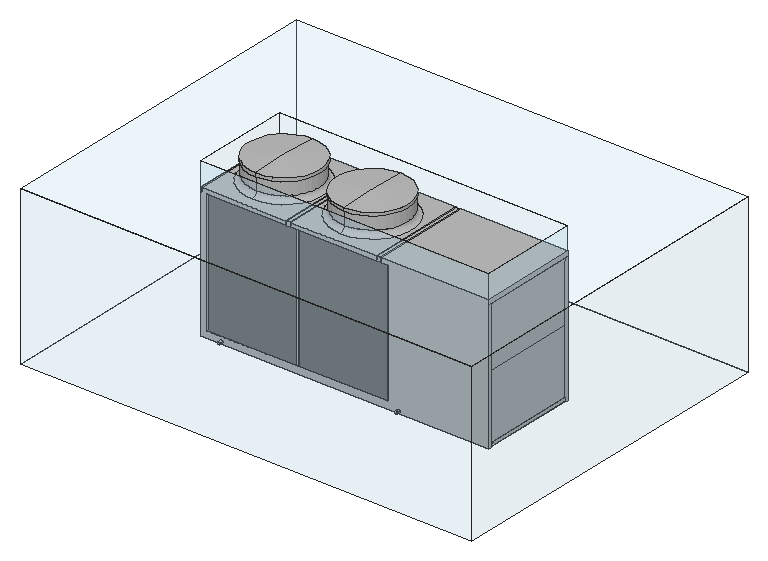
Revit family "VIESSMANN - Energycal AW Pro MT DWS", category Wyposażenie mechaniczne, Revit 2017
Family settings
  Wymiar okrągłego złącza = Użyj średnicy
  Typ części = Normalny
  Numer OmniClass = 23.75.10.21.11
  Tytuł OmniClass = Air-Source Heat Pumps
  Oparty na płaszczyźnie roboczej = Nie
  Zawsze pionowo = Tak
  Tnij formami wycięć po wczytaniu = Nie
  Współdzielony = Nie
  Punkt obliczania pomieszczeń = Nie
Parameters (values of type "Wielkość jednostki - 95")
  Zasilanie pomocnicze (V/ph/Hz) = "230/1~/50+5%"
  Zasilanie elektryczne (V/ph/Hz) = "400/3~/50+5%"
  Wysokość jednostki SLN = 1912 mm
  Wysokość = 1912 mm
  Współczynnik mocy = 1
  Współczynnik efektywności [COP] (A7W45) = 3.38
  Viessmann Kolor 2 = Viessmann Kolor 3
  Viessmann Kolor 1 = Viessmann Kolor 2
  URL = "https://www.viessmann-projektant.pl/baza-urzadzen/pompy-ciepla-powietrzewoda-agregaty-wl-50-kw/energycal"
  Typ wymiennika po stronie grzewczej = "Płytowy"
  Typ wentylatora = "Osiowy"
  Typ sprężarki = "Spiralna"
  TYP = AW PRO MT : AW PRO MT 95-160
  Strefa serwisowa [instance] = yes
  Stopień wydajności = "2"
  Spadek ciśnienia wody (A7W45) = 41.0 kPa
  Robocza wysokość podnoszenia pompy (A7W45) = 178.0 kPa
  Prąd nominalny wentylatora = 3.9 A
  Prąd nominalny silnika pompy obiegowej = 4.98 A
  Przepływ powietrza = 44000.0 m³/h
  Producent = "Viessmann Sp. z o.o"  # constant formula
  Połączenia hydrauliczne = 2 1/2"
  Poziom mocy akustycznej dB(A) = 84 mm
  Poziom mocy akustycznej - wersja super cicha SLN dB(A) = 79 mm
  Poziom mocy akustycznej - wersja cicha LN dB(A) = 82 mm
  Poziom ciśnienia akustycznego dB(A) = 56 mm
  Poziom ciśnienia akustycznego - wersja super cicha SLN dB(A) = 51 mm
  Poziom ciśnienia akustycznego - wersja cicha LN dB(A) = 54 mm
  Pojemność zbiornika magazynowego = 200.00 m³
  Pojemność wodna = 6.20 m³
  Pobór mocy elektrycznej (A7W45) = 27.7 kW
  Opis = "Energycal AW Pro MT jest serią pomp ciepła o zakresie mocy od 94 do 244 kW w grupie R410A, z dwoma odrębnymi obiegami czynnika chłodniczego w celu zmaksymalizowania niezawodności."  # constant formula
  Obciążenie pozorne = Maksymalna moc pobierania / Współczynnik mocy  # 39000 VA
  Nominalna moc pompy = 1.9 kW
  Nominalna moc grzewcza (A7W45) = 93.7 kW
  Natężenie przepływu wody (A7W45) l/h = 15883
  Natężenie przepływu wody (A7W45) = [Natężenie przepływu wody (A7W45) l/h] / 3600 * 1.0 L/s  # 4.41194 L/s
  Napięcie zasilania = 400 V
  Naczynie wzbiorcze = 18.00 m³
  Model pompy = "P1"
  Model = "Powietrzna pompa ciepła Energycal AW PRO MT / Air-water heat pump Energycal AW PRO MT DWS"  # constant formula
  Moc nominalna wentylatora = 1.6 kW
  Moc nominalna silnika pompy obiegowej = 1.85 kW
  Maksymalny prąd rozruchowy z układem Soft-Starter = 128.4 A
  Maksymalny prąd rozruchowy = 214 A
  Maksymalny pobór prądu = 68.2 A
  Maksymalna moc pobierania = 39 kW
  Liczba wentylatorów = 2
  Liczba biegunów = 3  # constant formula
  Klasa efektywności (A7W45) = "A"
  Ilość/Obiegi chłodnicze sprężarki (nr/nr) = "2/2"
  Głębokość jednostki SLN = 1208 mm
  Głębokość = 1208 mm
  Długość jednostki SLN = 3508 mm
  Długość = 3508 mm
  Częstotliwość = 50 Hz  # constant formula
  Ciężar w czasie pracy jednostki SLN = 1175.00 kg
  Ciężar w czasie pracy = 966.00 kg
  Ciężar transportowy jednostki SLN = 1167.00 kg
  Ciężar transportowy = 960.00 kg
  Całkowite napełnienie olejem = 5.40 kg
  Całkowite napełnienie czynnikiem chłodniczym = 30.80 kg
  Autor = "www.archispace.pl"
Types (11, lengths in mm): name | Wysokość jednostki SLN | Współczynnik efektywności [COP] (A7W45) | TYP | Spadek ciśnienia wody (A7W45) | Robocza wysokość podnoszenia pompy (A7W45) | Prąd nominalny silnika pompy obiegowej | Przepływ powietrza | Poziom mocy akustycznej dB(A) | Poziom mocy akustycznej - wersja super cicha SLN dB(A) | Poziom mocy akustycznej - wersja cicha LN dB(A) | Poziom ciśnienia akustycznego dB(A) | Poziom ciśnienia akustycznego - wersja super cicha SLN dB(A) | Poziom ciśnienia akustycznego - wersja cicha LN dB(A) | Pojemność zbiornika magazynowego | Pojemność wodna | Pobór mocy elektrycznej (A7W45) | Obciążenie pozorne | Nominalna moc pompy | Nominalna moc grzewcza (A7W45) | Natężenie przepływu wody (A7W45) l/h | Natężenie przepływu wody (A7W45) | Model pompy | Moc nominalna silnika pompy obiegowej | Maksymalny prąd rozruchowy z układem Soft-Starter | Maksymalny prąd rozruchowy | Maksymalny pobór prądu | Maksymalna moc pobierania | Liczba wentylatorów | Głębokość jednostki SLN | Długość jednostki SLN | Długość | Ciężar w czasie pracy jednostki SLN | Ciężar w czasie pracy | Ciężar transportowy jednostki SLN | Ciężar transportowy | Całkowite napełnienie olejem | Całkowite napełnienie czynnikiem chłodniczym
  Wielkość jednostki - 95 | 1912 | 3.38 | AW PRO MT : AW PRO MT 95-160 | 41.0 kPa | 178.0 kPa | 4.98 A | 44000.0 m³/h | 84 | 79 | 82 | 56 | 51 | 54 | 200.00 m³ | 6.20 m³ | 27.7 kW | 39000 VA | 1.9 kW | 93.7 kW | 15883 | 4.41194 L/s | "P1" | 1.85 kW | 128.4 A | 214 A | 68.2 A | 39 kW | 2 | 1208 | 3508 | 3508 | 1175.00 kg | 966.00 kg | 1167.00 kg | 960.00 kg | 5.40 kg | 30.80 kg
  Wielkość jednostki - 110 | 1912 | 3.3 | AW PRO MT : AW PRO MT 95-160 | 44.0 kPa | 164.0 kPa | 4.98 A | 44000.0 m³/h | 84 | 79 | 82 | 56 | 51 | 54 | 200.00 m³ | 7.30 m³ | 33.4 kW | 47100 VA | 1.9 kW | 110.3 kW | 18721 | 5.20028 L/s | "P1" | 1.85 kW | 148.8 A | 248 A | 82 A | 47.1 kW | 2 | 1208 | 3508 | 3508 | 1374.00 kg | 1110.00 kg | 1365.00 kg | 1103.00 kg | 8.00 kg | 36.30 kg
  Wielkość jednostki - 130 | 1912 | 3.25 | AW PRO MT : AW PRO MT 95-160 | 43.0 kPa | 152.0 kPa | 4.98 A | 44000.0 m³/h | 84 | 79 | 82 | 56 | 51 | 54 | 200.00 m³ | 8.40 m³ | 39.1 kW | 55200 VA | 1.9 kW | 126.9 kW | 21560 | 5.98889 L/s | "P1" | 1.85 kW | 148.8 A | 248 A | 82 A | 55.2 kW | 2 | 1208 | 3508 | 3508 | 1390.00 kg | 1175.00 kg | 1380.00 kg | 1167.00 kg | 10.60 kg | 41.80 kg
  Wielkość jednostki - 145 | 1912 | 3.31 | AW PRO MT : AW PRO MT 95-160 | 44.0 kPa | 138.0 kPa | 4.98 A | 44000.0 m³/h | 84 | 79 | 82 | 56 | 51 | 54 | 200.00 m³ | 9.30 m³ | 42.6 kW | 61200 VA | 1.9 kW | 140.8 kW | 23961 | 6.65583 L/s | "P1" | 1.85 kW | 157.1 A | 261.8 A | 104.8 A | 61.2 kW | 2 | 1208 | 4608 | 3508 | 1597.00 kg | 1374.00 kg | 1585.00 kg | 1365.00 kg | 10.60 kg | 46.40 kg
  Wielkość jednostki - 160 | 1912 | 3.36 | AW PRO MT : AW PRO MT 95-160 | 43.0 kPa | 126.0 kPa | 4.98 A | 44000.0 m³/h | 84 | 79 | 82 | 56 | 51 | 54 | 200.00 m³ | 10.20 m³ | 46.1 kW | 67200 VA | 1.9 kW | 154.8 kW | 26363 | 7.32306 L/s | "P1" | 1.85 kW | 130.7 A | 217.8 A | 113.8 A | 67.2 kW | 2 | 1208 | 4608 | 3508 | 1613.00 kg | 1390.00 kg | 1600.00 kg | 1380.00 kg | 10.60 kg | 51.10 kg
  Wielkość jednostki - 180 | 1912 | 3.52 | AW PRO MT : AW PRO MT 180-220 | 45.0 kPa | 141.0 kPa | 4.78 A | 66000.0 m³/h | 86 | 81 | 84 | 58 | 53 | 56 | 400.00 m³ | 11.60 m³ | 53.1 kW | 75800 VA | 2.2 kW | 176.2 kW | 30046 | 8.34611 L/s | "P2" | 2.2 kW | 211 A | 351.7 A | 130.7 A | 75.8 kW | 2 | 1208 | 4608 | 4608 | 1624.00 kg | 1597.00 kg | 1610.00 kg | 1585.00 kg | 10.60 kg | 58.20 kg
  Wielkość jednostki - 200 | 1912 | 3.38 | AW PRO MT : AW PRO MT 180-220 | 43.0 kPa | 127.0 kPa | 4.78 A | 66000.0 m³/h | 86 | 81 | 84 | 58 | 53 | 56 | 400.00 m³ | 13.10 m³ | 58.4 kW | 82800 VA | 2.2 kW | 197.6 kW | 33730 | 9.36944 L/s | "P2" | 2.2 kW | 218.8 A | 364.7 A | 143.7 A | 82.8 kW | 3 | 1208 | 4608 | 4608 | 1664.00 kg | 1613.00 kg | 1650.00 kg | 1600.00 kg | 10.60 kg | 65.40 kg
  Wielkość jednostki - 210 | 1912 | 3.37 | AW PRO MT : AW PRO MT 180-220 | 41.0 kPa | 122.0 kPa | 4.78 A | 66000.0 m³/h | 86 | 81 | 84 | 58 | 53 | 56 | 400.00 m³ | 13.70 m³ | 61.6 kW | 87800 VA | 2.2 kW | 207.4 kW | 35409 | 9.83583 L/s | "P2" | 2.2 kW | 218.8 A | 364.7 A | 153.7 A | 87.8 kW | 3 | 1208 | 5708 | 4608 | 1835.00 kg | 1624.00 kg | 1820.00 kg | 1610.00 kg | 10.60 kg | 68.60 kg
  Wielkość jednostki - 220 | 1912 | 3.36 | AW PRO MT : AW PRO MT 180-220 | 43.0 kPa | 112.0 kPa | 4.78 A | 66000.0 m³/h | 86 | 81 | 84 | 58 | 53 | 56 | 400.00 m³ | 14.40 m³ | 64.7 kW | 92800 VA | 2.2 kW | 217.1 kW | 37089 | 10.3025 L/s | "P2" | 2.2 kW | 212.8 A | 354.7 A | 163.7 A | 92.8 kW | 3 | 1208 | 5708 | 4608 | 1886.00 kg | 1664.00 kg | 1870.00 kg | 1650.00 kg | 10.60 kg | 71.90 kg
  Wielkość jednostki - 235 | 0 | 3.34 | AW PRO MT : AW PRO MT 235-250 | 40.0 kPa | 151.0 kPa | 4.78 A | 88000.0 m³/h | 89 | 0 | 87 | 61 | 0 | 59 | 400.00 m³ | 15.30 m³ | 68.9 kW | 92800 VA | 3 kW | 230.4 kW | 39364 | 10.9344 L/s | "P3" | 2.2 kW | 212.8 A | 354.7 A | 163.7 A | 92.8 kW | 4 | 0 | 0 | 5708 | 0.00 kg | 1835.00 kg | 0.00 kg | 1810.00 kg | 10.60 kg | 76.30 kg
  Wielkość jednostki - 250 | 0 | 3.51 | AW PRO MT : AW PRO MT 235-250 | 43.0 kPa | 151.0 kPa | 4.78 A | 88000.0 m³/h | 89 | 0 | 87 | 61 | 0 | 59 | 400.00 m³ | 16.10 m³ | 71.4 kW | 92800 VA | 3 kW | 243.6 kW | 41639 | 11.5664 L/s | "P3" | 2.2 kW | 212.8 A | 354.7 A | 163.7 A | 92.8 kW | 4 | 0 | 0 | 5708 | 0.00 kg | 1835.00 kg | 0.00 kg | 1810.00 kg | 10.60 kg | 80.70 kg
Reference planes
  plane 1 "Środek (Przód/Tył)": y = 0
  plane 2: z = 0
  plane 3 "Środek (Lewa/Prawa)": x = 0
  plane 4: y = -1208
  plane 5: x = 2754
  plane 6: y = 1500
  plane 7: y = -2708
  plane 8: x = 1754
  plane 9: x = -2754
  plane 10: x = -1754
  plane 11: y = -604
  plane 12: z = 1337
  plane 13: z = 945.243
Forms (mm)
  Extrusion 1, solid, material "Viessmann Strefy Serwisowe", visible <- "Strefa serwisowa"
    sketch origin (0, 0, 0) x (1, 0, 0) y (0, 0, 1)
      loop
        line (-1754, 1912) -> (-2754, 1912) -> (-2754, 0) -> (-1754, 0) -> (-1754, 1912)
      loop
        line (2754, 1912) -> (1754, 1912) -> (1754, 0) -> (2754, 0) -> (2754, 1912)
    from 0 to 1208
  Extrusion 2, solid, material "Viessmann Strefy Serwisowe", visible <- "Strefa serwisowa"
    sketch origin (0, 0, 0) x (1, 0, 0) y (0, 1, 0)
      loop
        line (-2754, 0) -> (2754, 0) -> (2754, 1500) -> (-2754, 1500) -> (-2754, 0)
      loop
        line (2754, -2708) -> (2754, -1208) -> (-2754, -1208) -> (-2754, -2708) -> (2754, -2708)
    from 0 to 1912
  Extrusion 3, solid, not visible
    sketch origin (0, 0, 0) x (0, 1, 0) y (0, 0, 1)
      loop
        circle (-604, 1337) r 45
      loop
        circle (-604, 947) r 45
      loop
        circle (-604, 524) r 45
      loop
        circle (-604, 187) r 45
    from -1754 to -1683.52
  Extrusion 4, solid, not visible
    sketch origin (1754, -1208, 1630) x (0, 0, -1) y (0, 1, 0)
      loop
        circle (293, 604) r 45
      loop
        circle (684.757, 604) r 50
    from -401.823 to 0
Cuts and joins
  joined: Extrusion 1, Extrusion 2
Dimensions and locks
  locked: plane 1 "Środek (Przód/Tył)" to plane 6 at 1500
  plane 4 to plane 7 = 1500 mm
  locked: plane 8 to plane 5 at 1000
  locked: plane 9 to plane 10 at 1000
  plane 10 to plane 9 = 1000 mm
  "Długość": plane 10 to plane 8
  locked: Extrusion 3 to Extrusion 3 at 70.48
  locked: plane 8 to Extrusion 4 at 401.823
  equal spacing: plane 1 "Środek (Przód/Tył)", plane 11, plane 4
  locked: plane 13 to plane 2 at 945.243
  locked: plane 12 to plane 2 at 1337
  aligned and locked: level to plane 2
  aligned and locked: Extrusion 3 to plane 10
  aligned and locked: plane 8 to Extrusion 4
  aligned and locked: plane 11 to Extrusion 4 sketch curve  (x2)
  aligned and locked: plane 12 to Extrusion 4 sketch curve
  aligned and locked: plane 13 to Extrusion 4 sketch curve
Automatic sketch dimensions
  Extrusion 1 sketch curve to plane 9 = 0 mm
  Extrusion 1 sketch curve to level = 0 mm  (x2)
  Extrusion 1 sketch curve to plane 10 = 0 mm
  Extrusion 1 sketch curve to plane 8 = 0 mm
  Extrusion 1 sketch curve to plane 5 = 0 mm
  level to Extrusion 1 sketch curve = 1912 mm  (x2)
  Extrusion 2 sketch curve to plane 1 "Środek (Przód/Tył)" = 0 mm
  Extrusion 2 sketch curve to plane 9 = 0 mm  (x2)
  Extrusion 2 sketch curve to plane 7 = 0 mm
  Extrusion 2 sketch curve to plane 5 = 0 mm  (x2)
  Extrusion 2 sketch curve to plane 4 = 0 mm
  Extrusion 2 sketch curve to plane 6 = 0 mm
  level to Extrusion 3 sketch curve = 187 mm
  plane 1 "Środek (Przód/Tył)" to Extrusion 3 sketch curve = 604 mm  (x2)
  Extrusion 3 sketch curve to Extrusion 3 sketch curve = 0 mm  (x5)
  Extrusion 3 sketch curve to Extrusion 3 sketch curve = 337 mm
  Extrusion 3 sketch curve to Extrusion 3 sketch curve = 423 mm
  Extrusion 3 sketch curve to Extrusion 3 sketch curve = 390 mm
  Extrusion 3 sketch curve to Extrusion 3 sketch curve = 45 mm  (x4)
  radius of Extrusion 4 sketch curve = 45 mm
  radius of Extrusion 4 sketch curve = 50 mm
Nested families
  nested 1: "AW PRO MT" at (0, 30, 0), type <- "TYP", type "AW PRO MT 95-160"
Connectors
  piping at (-1754, -604, 1337), diameter 63.5, driven by "Połączenia hydrauliczne", driven by "Natężenie przepływu wody (A7W45)"
    settings: on Extrusion 3, index 5, connector inside diameter 24", connector length 0 mm, flow factor 0, pipe flow 4.41194 L/s, pressure drop 0.0 Pa, fitting loss kfactor 0, connector angle 0.00°, fixture units 0, engagement length 0 mm, angle of deflection 0.00°, flow configuration 1, flow direction 1, fitting loss method 0, system type 8, joint type 0, gender type 0, connector reference index -1, connector utility 0, adjustable connector no, is connector primary yes, connector description ""
  piping at (-1754, -604, 947), diameter 63.5, driven by "Połączenia hydrauliczne", driven by "Natężenie przepływu wody (A7W45)"
    settings: on Extrusion 3, index 6, connector inside diameter 24", connector length 0 mm, flow factor 0, pipe flow 4.41194 L/s, pressure drop 0.0 Pa, fitting loss kfactor 0, connector angle 0.00°, fixture units 0, engagement length 0 mm, angle of deflection 0.00°, flow configuration 0, flow direction 2, fitting loss method 0, system type 7, joint type 0, gender type 0, connector reference index -1, connector utility 0, adjustable connector no, is connector primary no, connector description ""
  piping at (-1754, -604, 524), diameter 63.5, driven by "Połączenia hydrauliczne", driven by "Natężenie przepływu wody (A7W45)"
    settings: on Extrusion 3, index 7, connector inside diameter 24", connector length 0 mm, flow factor 0, pipe flow 4.41194 L/s, pressure drop 0.0 Pa, fitting loss kfactor 0, connector angle 0.00°, fixture units 0, engagement length 0 mm, angle of deflection 0.00°, flow configuration 1, flow direction 1, fitting loss method 0, system type 8, joint type 0, gender type 0, connector reference index -1, connector utility 0, adjustable connector no, is connector primary no, connector description ""
  piping at (-1754, -604, 187), diameter 63.5, driven by "Natężenie przepływu wody (A7W45)", driven by "Połączenia hydrauliczne"
    settings: on Extrusion 3, index 8, connector inside diameter 24", connector length 0 mm, flow factor 0, pipe flow 4.41194 L/s, pressure drop 0.0 Pa, fitting loss kfactor 0, connector angle 0.00°, fixture units 0, engagement length 0 mm, angle of deflection 0.00°, flow configuration 1, flow direction 1, fitting loss method 0, system type 8, joint type 0, gender type 0, connector reference index -1, connector utility 0, adjustable connector no, is connector primary no, connector description ""
  electrical at (1754, -604, 945.243)
    settings: on Extrusion 4, index 9, voltage 0 V, apparent load 0 VA, apparent load phase1 0 VA, apparent load phase2 0 VA, apparent load phase3 0 VA, power factor 1, load classification "Inne", number of poles 1, system type 13, power factor state 1, is connector primary yes, connector utility no, sub classification motor no, connector description ""
  electrical at (1754, -604, 1337), driven by "Liczba biegunów", driven by "Napięcie zasilania", driven by "Pobór mocy elektrycznej (A7W45)", driven by "Współczynnik mocy"
    settings: on Extrusion 4, index 10, voltage 400 V, apparent load 27700 VA, apparent load phase1 0 VA, apparent load phase2 0 VA, apparent load phase3 0 VA, power factor 1, load classification "Inne", number of poles 3, system type 30, power factor state 1, is connector primary no, connector utility no, sub classification motor no, connector description ""
Definition of nested family "AW PRO MT"
  Parameters (values of type "AW PRO MT 180-220")
    Wysokość = 1912 mm
    URL = ""
    Szerokość = 1208 mm
    Manufacturer = ""
    Podłączenie Uout wysokość = 524 mm
    Podłączenie Uin wysokość = 187 mm
    Podłączenie Rout wysokość = 1337 mm
    Podłączenie Rin wysokość = 947 mm
    Description = ""
    Model = ""
    Materiał2 = none
    Materiał = none
    Długość = 4608 mm
    DWS = no
    4 = no
    3 = yes
  Types (3, lengths in mm): name | Długość | 4 | 3
    AW PRO MT 235-250 | 5708 | yes | yes
    AW PRO MT 95-160 | 3508 | no | no
    AW PRO MT 180-220 | 4608 | no | yes
  Reference planes
    plane 1 "Środek (Przód/Tył)": y = -30
    plane 2: z = 0
    plane 3 "Środek (Lewa/Prawa)": x = 0
    plane 4: y = -1238
    plane 5: z = 1630
    plane 6: x = 1754
    plane 7: x = 1714
    plane 8: z = 1912
    plane 9: y = -634
    plane 10: y = -634
    plane 11: x = -2854
    plane 12: x = -2863.898
    plane 13: x = -2851.5
    plane 14: x = -2776.52
    plane 15: y = -634
    plane 16: y = -634
    plane 17: x = -1706.52
    plane 18: x = -591.52
    plane 19: x = -2821.52
  Forms (mm)
    Extrusion 1, solid, material <- "Materiał", detail levels fine
      sketch origin (0, -734, 0) x (1, 0, 0) y (0, 1, 0)
        loop
          line (-2854, 704) -> (-2854, -504) -> (1754, -504) -> (1754, 704) -> (-2854, 704)
      from 0 to 1630
    Extrusion 2, void
      sketch origin (0, -734, 0) x (1, 0, 0) y (0, 1, 0)
        loop
          line (1754, 664) -> (-2854, 664) -> (-2854, -464) -> (1754, -464) -> (1754, 664)
      from 0 to 20
    Extrusion 3, solid, material <- "Materiał", detail levels coarse
      sketch origin (0, 0, 0) x (1, 0, 0) y (0, 1, 0)
        loop
          line (-2854, -30) -> (-2854, -1238) -> (1754, -1238) -> (1754, -30) -> (-2854, -30)
      from 0 to 1630
    Extrusion 4, solid, material <- "Materiał", detail levels medium
      sketch origin (0, -30, 0) x (1, 0, 0) y (0, 0, 1)
        loop
          line (-2854, 1630) -> (-2854, 0) -> (1754, 0) -> (1754, 1630) -> (-2854, 1630)
      from 0 to 1208
    Extrusion 5, void
      sketch origin (1375.5, -1104, 0) x (0, 1, 0) y (0, 0, 1)
        loop
          line (-94, 0) -> (-87, 0) -> (-87, 50.017) -> (1027, 50.017) -> (1027, 0) -> (1034, 0) -> (1034, 1569.991) -> (1074, 1569.991) -> (1074, 1576.991) -> (-134, 1576.991) -> (-134, 1569.991) -> (-94, 1569.991) -> (-94, 0)
        loop
          line (1027, 1569.991) -> (-87, 1569.991) -> (-87, 850) -> (1027, 850) -> (1027, 1569.991)
        loop
          line (1027, 843) -> (-87, 843) -> (-87, 57.017) -> (1027, 57.017) -> (1027, 843)
      from 375.98 to 378.5
    Revolve 6, solid, material <- "Materiał", detail levels medium
      sketch origin (-1220, 0, 0) x (0, 1, 0) y (0, 0, 1)
        loop
          line (-634, 1630) -> (-634, 1912) -> (-1065, 1912) -> (-1065, 1855) -> (-1055, 1855) -> (-1055, 1695) -> (-1113.526, 1630) -> (-634, 1630)
        axis (-634, 1912) -> (-634, 1630)
      angle from 0 to 360
    Revolve 7, solid, material <- "Materiał", detail levels fine
      sketch origin (-1220, 0, 0) x (0, 1, 0) y (0, 0, 1)
        loop
          line (-634, 1630) -> (-154.474, 1630)
          arc (-154.474, 1630) -> (-196.212, 1651.267) -> (-213, 1695) r 65.358
          line (-213, 1695) -> (-213, 1855) -> (-203, 1855) -> (-203, 1891.456)
          arc (-203, 1891.456) -> (-418.181, 1908.421) -> (-634, 1912) r 3476.293
          line (-634, 1912) -> (-634, 1630)
        axis (-634, 1912) -> (-634, 1630)
      angle from 0 to 360
    Extrusion 8, solid, material <- "Materiał", detail levels coarse
      sketch origin (-145.176, 0, 0) x (-1, 0, 0) y (0, -1, 0)
        loop
          circle (0, 634) r 480
      from 1630 to 1912
    Revolve 9, solid, material <- "Materiał", detail levels medium
      sketch origin (-145.176, 0, 0) x (0, 1, 0) y (0, 0, 1)
        loop
          line (-634, 1630) -> (-634, 1912) -> (-1065, 1912) -> (-1065, 1855) -> (-1055, 1855) -> (-1055, 1695) -> (-1113.526, 1630) -> (-634, 1630)
        axis (-634, 1912) -> (-634, 1630)
      angle from 0 to 360
    Revolve 10, solid, material <- "Materiał", detail levels fine
      sketch origin (-145.176, 0, 0) x (0, 1, 0) y (0, 0, 1)
        loop
          line (-634, 1630) -> (-154.474, 1630)
          arc (-154.474, 1630) -> (-196.212, 1651.267) -> (-213, 1695) r 65.358
          line (-213, 1695) -> (-213, 1855) -> (-203, 1855) -> (-203, 1891.456)
          arc (-203, 1891.456) -> (-418.181, 1908.421) -> (-634, 1912) r 3476.293
          line (-634, 1912) -> (-634, 1630)
        axis (-634, 1912) -> (-634, 1630)
      angle from 0 to 360
    Extrusion 11, void
      sketch origin (0, -30, 0) x (1, 0, 0) y (0, 0, 1)
        loop
          line (-702.588, 1630) -> (-712.588, 1630) -> (-712.588, 1627.5) -> (-702.588, 1627.5) -> (-702.588, 1630)
        loop
          line (387.236, 1630) -> (387.236, 1627.5) -> (397.236, 1627.5) -> (397.236, 1630) -> (387.236, 1630)
        loop
          line (447.588, 1630) -> (437.588, 1630) -> (437.588, 1627.5) -> (447.588, 1627.5) -> (447.588, 1630)
        loop
          line (-652.412, 1630) -> (-662.412, 1630) -> (-662.412, 1627.5) -> (-652.412, 1627.5) -> (-652.412, 1630)
        loop
          line (-1782.588, 1630) -> (-1792.588, 1630) -> (-1792.588, 1627.5) -> (-1782.588, 1627.5) -> (-1782.588, 1630)
        loop
          line (-1732.412, 1630) -> (-1742.412, 1630) -> (-1742.412, 1627.5) -> (-1732.412, 1627.5) -> (-1732.412, 1630)
        loop
          line (-2852.588, 1630) -> (-2862.588, 1630) -> (-2862.588, 1627.5) -> (-2852.588, 1627.5) -> (-2852.588, 1630)
        loop
          line (-2802.412, 1630) -> (-2812.412, 1630) -> (-2812.412, 1627.5) -> (-2802.412, 1627.5) -> (-2802.412, 1630)
      from 0 to 1208
    Extrusion 12, void
      sketch origin (0, -30, 0) x (1, 0, 0) y (0, 0, 1)
        loop
          line (523.48, 1576.991) -> (-2776.52, 1576.991) -> (-2776.52, 90.017) -> (523.48, 90.017) -> (523.48, 1576.991)
      from 1188 to 1208
    Extrusion 13, solid, material <- "Materiał2", detail levels fine
      sketch origin (0, -30, 0) x (1, 0, 0) y (0, 0, 1)
        loop
          line (-2776.52, 1576.991) -> (-2776.52, 90.017) -> (523.48, 90.017) -> (523.48, 1576.991) -> (-2776.52, 1576.991)
      from 1188 to 1204
    Extrusion 14, void
      sketch origin (677.48, 345.98, 0) x (1, 0, 0) y (0, 0, 1)
        loop
          line (-94, 7) -> (-94, 1569.991) -> (-147, 1569.991) -> (-147, 850) -> (-147, 7) -> (-94, 7)
        loop
          line (1034, 0) -> (1034, 1569.991) -> (1076.448, 1569.991) -> (1076.448, 1576.991) -> (-154, 1576.991) -> (-154, 90.017) -> (-3454, 90.017) -> (-3454, 1576.991) -> (-3531.48, 1576.991) -> (-3531.48, 1569.991) -> (-3461, 1569.991) -> (-3461, 0) -> (-3454, 0) -> (-3454, 83.017) -> (-154, 83.017) -> (-154, 0) -> (-117, 0) -> (-87, 0) -> (-87, 50.017) -> (1027, 50.017) -> (1027, 0) -> (1034, 0)
        loop
          line (1027, 1569.991) -> (-87, 1569.991) -> (-87, 850) -> (1027, 850) -> (1027, 1569.991)
        loop
          line (1027, 843) -> (-87, 843) -> (-87, 57.017) -> (1027, 57.017) -> (1027, 843)
      from 375.98 to 378.5
    Extrusion 15, solid, material <- "Materiał", detail levels fine
      sketch origin (0, 0, 0) x (0, 1, 0) y (0, 0, 1)
        loop
          circle (-634, 524) r 45
        loop
          circle (-634, 187) r 45
        loop
          circle (-634, 947) r 45
        loop
          circle (-634, 1337) r 45
      from -2863.898 to -2854
    Extrusion 16, void
      sketch origin (0, 0, 0) x (1, 0, 0) y (0, 1, 0)
        loop
          line (-712.588, -1238) -> (-702.588, -1238) -> (-702.588, -1233) -> (-712.588, -1233) -> (-712.588, -1238)
        loop
          line (387.412, -1238) -> (397.412, -1238) -> (397.412, -1233) -> (387.412, -1233) -> (387.412, -1238)
        loop
          line (437.412, -1238) -> (447.412, -1238) -> (447.412, -1233) -> (437.412, -1233) -> (437.412, -1238)
        loop
          line (-662.588, -1238) -> (-652.588, -1238) -> (-652.588, -1233) -> (-662.588, -1233) -> (-662.588, -1238)
        loop
          line (-1792.588, -1238) -> (-1782.588, -1238) -> (-1782.588, -1233) -> (-1792.588, -1233) -> (-1792.588, -1238)
        loop
          line (-1742.588, -1238) -> (-1732.588, -1238) -> (-1732.588, -1233) -> (-1742.588, -1233) -> (-1742.588, -1238)
        loop
          line (-2862.588, -1238) -> (-2852.588, -1238) -> (-2852.588, -1233) -> (-2862.588, -1233) -> (-2862.588, -1238)
        loop
          line (-2812.588, -1238) -> (-2802.588, -1238) -> (-2802.588, -1233) -> (-2812.588, -1233) -> (-2812.588, -1238)
      from 1576.991 to 1630
    Extrusion 17, void
      sketch origin (0, -1268, 0) x (1, 0, 0) y (0, 1, 0)
        loop
          line (-712.588, 1238) -> (-712.588, 1233) -> (-702.588, 1233) -> (-702.588, 1238) -> (-712.588, 1238)
        loop
          line (387.412, 1238) -> (387.412, 1233) -> (397.412, 1233) -> (397.412, 1238) -> (387.412, 1238)
        loop
          line (437.412, 1238) -> (437.412, 1233) -> (447.412, 1233) -> (447.412, 1238) -> (437.412, 1238)
        loop
          line (-662.412, 1238) -> (-662.412, 1233) -> (-652.412, 1233) -> (-652.412, 1238) -> (-662.412, 1238)
        loop
          line (-1792.588, 1238) -> (-1792.588, 1233) -> (-1782.588, 1233) -> (-1782.588, 1238) -> (-1792.588, 1238)
        loop
          line (-1742.412, 1238) -> (-1742.412, 1233) -> (-1732.412, 1233) -> (-1732.412, 1238) -> (-1742.412, 1238)
        loop
          line (-2862.588, 1238) -> (-2862.588, 1233) -> (-2852.588, 1233) -> (-2852.588, 1238) -> (-2862.588, 1238)
        loop
          line (-2812.412, 1238) -> (-2812.412, 1233) -> (-2802.412, 1233) -> (-2802.412, 1238) -> (-2812.412, 1238)
      from 1576.991 to 1630
    Extrusion 18, solid, material <- "Materiał", detail levels fine
      sketch origin (0, -1238, 0) x (1, 0, 0) y (0, 0, -1)
        loop
          circle (657.54, -29.398) r 15
        loop
          circle (-2602.46, -29.398) r 15
      from -33.185 to 0.02
    Extrusion 19, solid, material <- "Materiał", detail levels fine
      sketch origin (0, -30, 0) x (1, 0, 0) y (0, 0, 1)
        loop
          circle (657.54, 29.398) r 15
        loop
          circle (-2602.46, 29.398) r 15
      from -33.185 to 0.02
    Extrusion 20, void
      sketch origin (0, -1238, 0) x (1, 0, 0) y (0, 0, -1)
        loop
          line (523.48, -1576.991) -> (523.48, -90.017) -> (-2776.52, -90.017) -> (-2776.52, -1576.991) -> (523.48, -1576.991)
      from 1188 to 1208
    Extrusion 21, solid, material <- "Materiał2", detail levels fine
      sketch origin (0, -1238, 0) x (1, 0, 0) y (0, 0, -1)
        loop
          line (-2776.52, -1576.991) -> (523.48, -1576.991) -> (523.48, -90.017) -> (-2776.52, -90.017) -> (-2776.52, -1576.991)
      from 1188 to 1204
    Extrusion 22, solid, material <- "Materiał", detail levels fine
      sketch origin (0, 0, 0) x (1, 0, 0) y (0, 1, 0)
        loop
          line (-576.52, -1218) -> (-591.52, -1218) -> (-591.52, -1235.5) -> (-561.52, -1235.5) -> (-561.52, -1218) -> (-576.52, -1218)
        loop
          line (-576.52, -50) -> (-561.52, -50) -> (-561.52, -32.5) -> (-591.52, -32.5) -> (-591.52, -50) -> (-576.52, -50)
      from 90.017 to 1576.991
    Extrusion 23, solid, material <- "Materiał", visible <- "3", detail levels fine
      sketch origin (-1100, 0, 0) x (1, 0, 0) y (0, 1, 0)
        loop
          line (-1676.52, -1218) -> (-1691.52, -1218) -> (-1691.52, -1235.5) -> (-1661.52, -1235.5) -> (-1661.52, -1218) -> (-1676.52, -1218)
        loop
          line (-1676.52, -50) -> (-1661.52, -50) -> (-1661.52, -32.5) -> (-1691.52, -32.5) -> (-1691.52, -50) -> (-1676.52, -50)
      from 90.017 to 1576.991
    Extrusion 24, solid, material <- "Materiał", visible <- "4", detail levels fine
      sketch origin (-22.602, 0, 0) x (1, 0, 0) y (0, 1, 0)
        loop
          line (-2783.918, -1218) -> (-2798.918, -1218) -> (-2798.918, -1235.5) -> (-2768.918, -1235.5) -> (-2768.918, -1218) -> (-2783.918, -1218)
        loop
          line (-2783.918, -50) -> (-2768.918, -50) -> (-2768.918, -32.5) -> (-2798.918, -32.5) -> (-2798.918, -50) -> (-2783.918, -50)
      from 90.017 to 1576.991
    Extrusion 25, solid, material <- "Materiał", detail levels coarse
      sketch origin (-1220, 0, 0) x (-1, 0, 0) y (0, -1, 0)
        loop
          circle (0, 634) r 480
      from 1630 to 1912
    Revolve 26, solid, material <- "Materiał", visible <- "3", detail levels fine
      sketch origin (-2294.8, 0, 0) x (0, 1, 0) y (0, 0, 1)
        loop
          line (-634, 1630) -> (-154.474, 1630)
          arc (-154.474, 1630) -> (-196.212, 1651.267) -> (-213, 1695) r 65.358
          line (-213, 1695) -> (-213, 1855) -> (-203, 1855) -> (-203, 1891.456)
          arc (-203, 1891.456) -> (-418.181, 1908.421) -> (-634, 1912) r 3476.293
          line (-634, 1912) -> (-634, 1630)
        axis (-634, 1912) -> (-634, 1630)
      angle from 0 to 360
    Revolve 27, solid, material <- "Materiał", visible <- "4", detail levels fine
      sketch origin (-3369.6, 0, 0) x (0, 1, 0) y (0, 0, 1)
        loop
          line (-634, 1630) -> (-154.474, 1630)
          arc (-154.474, 1630) -> (-196.212, 1651.267) -> (-213, 1695) r 65.358
          line (-213, 1695) -> (-213, 1855) -> (-203, 1855) -> (-203, 1891.456)
          arc (-203, 1891.456) -> (-418.181, 1908.421) -> (-634, 1912) r 3476.293
          line (-634, 1912) -> (-634, 1630)
        axis (-634, 1912) -> (-634, 1630)
      angle from 0 to 360
    Revolve 28, solid, material <- "Materiał", visible <- "3", detail levels medium
      sketch origin (-2294.8, 0, 0) x (0, 1, 0) y (0, 0, 1)
        loop
          line (-634, 1630) -> (-634, 1912) -> (-1065, 1912) -> (-1065, 1855) -> (-1055, 1855) -> (-1055, 1695) -> (-1113.526, 1630) -> (-634, 1630)
        axis (-634, 1912) -> (-634, 1630)
      angle from 0 to 360
    Revolve 29, solid, material <- "Materiał", visible <- "4", detail levels medium
      sketch origin (-3369.6, 0, 0) x (0, 1, 0) y (0, 0, 1)
        loop
          line (-634, 1630) -> (-634, 1912) -> (-1065, 1912) -> (-1065, 1855) -> (-1055, 1855) -> (-1055, 1695) -> (-1113.526, 1630) -> (-634, 1630)
        axis (-634, 1912) -> (-634, 1630)
      angle from 0 to 360
    Extrusion 30, solid, material <- "Materiał", visible <- "3", detail levels coarse
      sketch origin (-2269.032, -1277.493, 0) x (-1, 0, 0) y (0, -1, 0)
        loop
          circle (25.2, -634) r 480
      from 1630 to 1912
    Extrusion 31, solid, material <- "Materiał", visible <- "3", detail levels fine
      sketch origin (80, 0, 0) x (1, 0, 0) y (0, 1, 0)
        loop
          line (-1756.52, -1218) -> (-1786.52, -1218) -> (-1786.52, -1235.5) -> (-1756.52, -1235.5) -> (-1756.52, -1218)
        loop
          line (-1756.52, -50) -> (-1756.52, -32.5) -> (-1786.52, -32.5) -> (-1786.52, -50) -> (-1756.52, -50)
      from 90.017 to 1576.991
    Extrusion 32, solid, material <- "Materiał", visible <- "4", detail levels fine
      sketch origin (0, -30, 0) x (1, 0, 0) y (0, 0, 1)
        loop
          circle (-1506.53, 29.398) r 15
      from -33.185 to 0
    Extrusion 33, solid, material <- "Materiał", visible <- "4", detail levels fine
      sketch origin (0, -1238, 0) x (1, 0, 0) y (0, 0, -1)
        loop
          circle (657.54, -29.398) r 15
        loop
          circle (-2602.46, -29.398) r 15
      from -33.185 to 0
    Extrusion 34, solid, material <- "Materiał", visible <- "4", detail levels coarse
      sketch origin (-2310, 0, 0) x (-1, 0, 0) y (0, -1, 0)
        loop
          circle (0, 634) r 480
      from 1630 to 1912
  Cuts and joins
    Extrusion 2, Extrusion 5, Extrusion 11, Extrusion 12, Extrusion 14, Extrusion 16, Extrusion 17, Extrusion 20 cuts Extrusion 1
    Extrusion 17, Extrusion 20 cuts Revolve 7
    Extrusion 17, Extrusion 20 cuts Revolve 10
    joined: Extrusion 1, Revolve 7, Revolve 10, Extrusion 18, Extrusion 19, Extrusion 22
    Extrusion 14, Extrusion 17, Extrusion 20 cuts Extrusion 13
    Extrusion 17, Extrusion 20 cuts Revolve 6
    Extrusion 17, Extrusion 20 cuts Revolve 9
    joined: Extrusion 4, Revolve 6, Revolve 9
    Extrusion 17, Extrusion 20 cuts Extrusion 8
    joined: Extrusion 3, Extrusion 8
    Extrusion 17, Extrusion 20 cuts Extrusion 15
  Dimensions and locks
    locked: plane 7 to plane 6 at 40
    "Wysokość": plane 8 to level
    "Szerokość": plane 1 "Środek (Przód/Tył)" to plane 4
    plane 5 to level = 1630 mm
    locked: plane 8 to plane 5 at 282
    "Długość": plane 11 to plane 6
    "Podłączenie Uin wysokość": Extrusion 15 sketch curve to level
    "Podłączenie Uout wysokość": Extrusion 15 sketch curve to level
    locked: plane 11 to plane 12 at 9.898
    locked: plane 13 to plane 11 at 2.5
    locked: plane 14 to plane 11 at 77.48
    plane 18 to plane 17 = 1115 mm
    locked: cut or joined group 1 (Extrusion 1, Extrusion 2, Extrusion 5, Revolve 7, Revolve 10, Extrusion 11, Extrusion 12, Extrusion 14, Extrusion 16, Extrusion 17, Extrusion 18, Extrusion 19, Extrusion 20, Extrusion 22) to plane 18 at 30
    Extrusion 31 sketch curve to Extrusion 31 sketch curve = 30 mm
    locked: Extrusion 31 sketch curve to Extrusion 31 sketch curve at 30
    plane 17 to plane 19 = 1115 mm
    locked: Extrusion 24 sketch curve to Extrusion 24 sketch curve at 30  (x2)
    "Podłączenie Rout wysokość": Extrusion 15 sketch curve to level
    "Podłączenie Rin wysokość": Extrusion 15 sketch curve to level
    aligned and locked: level to plane 2
    aligned and locked: cut or joined group 1 to plane 1 "Środek (Przód/Tył)"
    aligned and locked: Extrusion 1 to plane 1 "Środek (Przód/Tył)"
    aligned and locked: plane 4 to cut or joined group 1
    aligned and locked: cut or joined group 1 to plane 5
    aligned and locked: plane 6 to cut or joined group 1
    aligned and locked: Extrusion 3 sketch curve to cut or joined group 1  (x4)
    aligned and locked: plane 5 to Extrusion 3
    aligned and locked: Extrusion 3 to level
    aligned and locked: Extrusion 4 to plane 1 "Środek (Przód/Tył)"
    aligned and locked: plane 11 to cut or joined group 1
    aligned and locked: cut or joined group 1 to Extrusion 22
    aligned and locked: Extrusion 1 to Extrusion 2
    aligned and locked: Extrusion 4 to cut or joined group 1
    aligned and locked: plane 11 to cut or joined group of Extrusion 15, Extrusion 17, Extrusion 20
    aligned and locked: cut or joined group of Extrusion 15, Extrusion 17, Extrusion 20 to plane 12
    aligned and locked: plane 14 to cut or joined group of Extrusion 13, Extrusion 14, Extrusion 17, Extrusion 20
    aligned and locked: Extrusion 1 to Extrusion 14
    aligned and locked: plane 18 to cut or joined group 1
    aligned and locked: Extrusion 31 to plane 17  (x2)
    aligned and locked: Extrusion 24 to plane 19  (x2)
    aligned and locked: Extrusion 32 to cut or joined group 1
    aligned and locked: plane 1 "Środek (Przód/Tył)" to Extrusion 32
    aligned and locked: plane 4 to Extrusion 33
    aligned and locked: Extrusion 11 to Extrusion 1
  Automatic sketch dimensions
    Extrusion 1 sketch curve to plane 4 = 0 mm
    Extrusion 1 sketch curve to plane 11 = 0 mm
    plane 1 "Środek (Przód/Tył)" to Extrusion 1 sketch curve = 0 mm
    Extrusion 1 sketch curve to plane 6 = 0 mm
    Extrusion 2 sketch curve to plane 11 = 0 mm
    Extrusion 2 sketch curve to plane 6 = 0 mm
    plane 4 to Extrusion 2 sketch curve = 40 mm
    plane 1 "Środek (Przód/Tył)" to Extrusion 2 sketch curve = 40 mm
    Extrusion 4 sketch curve to level = 0 mm
    Extrusion 4 sketch curve to plane 11 = 0 mm
    Extrusion 4 sketch curve to plane 5 = 0 mm
    Extrusion 4 sketch curve to plane 6 = 0 mm
    Extrusion 5 sketch curve to plane 4 = 0 mm
    Extrusion 5 sketch curve to level = 0 mm  (x2)
    Extrusion 5 sketch curve to plane 1 "Środek (Przód/Tył)" = 0 mm
    plane 4 to Extrusion 5 sketch curve = 40 mm
    Extrusion 5 sketch curve to Extrusion 5 sketch curve = 7 mm  (x6)
    plane 4 to Extrusion 5 sketch curve = 47 mm
    Extrusion 5 sketch curve to Extrusion 5 sketch curve = 47 mm
    Extrusion 5 sketch curve to Extrusion 5 sketch curve = 0 mm  (x3)
    level to Extrusion 5 sketch curve = 50.017 mm
    Extrusion 5 sketch curve to Extrusion 5 sketch curve = 785.983 mm
    Extrusion 5 sketch curve to plane 5 = 60.009 mm  (x2)
    Revolve 6 sketch curve to plane 5 = 0 mm  (x2)
    Revolve 6 sketch curve to plane 8 = 0 mm  (x2)
    Revolve 6 sketch curve to plane 9 = 0 mm  (x2)
    plane 5 to Revolve 6 sketch curve = 65 mm
    plane 4 to Revolve 6 sketch curve = 183 mm
    Revolve 6 sketch curve to Revolve 6 sketch curve = 10 mm
    Revolve 6 sketch curve to Revolve 6 sketch curve = 58.526 mm
    Revolve 6 sketch curve to plane 8 = 57 mm
    Revolve 7 sketch curve to plane 5 = 0 mm  (x2)
    Revolve 7 sketch curve to plane 8 = 0 mm  (x2)
    plane 1 "Środek (Przód/Tył)" to Revolve 7 sketch curve = 604 mm
    plane 1 "Środek (Przód/Tył)" to Revolve 7 sketch curve = 553.696 mm
    Revolve 7 sketch curve to plane 8 = 57 mm
    plane 1 "Środek (Przód/Tył)" to Revolve 7 sketch curve = 183 mm
    Revolve 7 sketch curve to Revolve 7 sketch curve = 10 mm
    Revolve 7 sketch curve to Revolve 7 sketch curve = 58.526 mm
    plane 5 to Revolve 7 sketch curve = 65 mm
    Revolve 7 sketch curve to level = 1563.929 mm
    Revolve 7 sketch curve to Revolve 7 sketch curve = 0 mm
    Extrusion 8 sketch curve to Extrusion 8 sketch curve = 0 mm  (x2)
    plane 3 "Środek (Lewa/Prawa)" to Extrusion 8 sketch curve = 145.176 mm
    Extrusion 8 sketch curve to plane 1 "Środek (Przód/Tył)" = 604 mm
    Extrusion 8 sketch curve to plane 4 = 124 mm
    Revolve 9 sketch curve to plane 5 = 0 mm  (x2)
    Revolve 9 sketch curve to plane 8 = 0 mm  (x2)
    Revolve 9 sketch curve to plane 10 = 0 mm  (x2)
    plane 5 to Revolve 9 sketch curve = 65 mm
    plane 4 to Revolve 9 sketch curve = 183 mm
    Revolve 9 sketch curve to Revolve 9 sketch curve = 10 mm
    Revolve 9 sketch curve to Revolve 9 sketch curve = 58.526 mm
    Revolve 9 sketch curve to plane 8 = 57 mm
    Revolve 10 sketch curve to plane 5 = 0 mm  (x2)
    Revolve 10 sketch curve to plane 8 = 0 mm  (x2)
    plane 1 "Środek (Przód/Tył)" to Revolve 10 sketch curve = 604 mm
    plane 1 "Środek (Przód/Tył)" to Revolve 10 sketch curve = 553.696 mm
    Revolve 10 sketch curve to plane 8 = 57 mm
    plane 1 "Środek (Przód/Tył)" to Revolve 10 sketch curve = 183 mm
    Revolve 10 sketch curve to Revolve 10 sketch curve = 10 mm
    Revolve 10 sketch curve to Revolve 10 sketch curve = 58.526 mm
    plane 5 to Revolve 10 sketch curve = 65 mm
    Revolve 10 sketch curve to level = 1563.929 mm
    Revolve 10 sketch curve to Revolve 10 sketch curve = 0 mm
    Extrusion 11 sketch curve to plane 5 = 0 mm  (x8)
    Extrusion 11 sketch curve to plane 19 = 41.068 mm
    Extrusion 11 sketch curve to plane 5 = 2.5 mm  (x8)
    Extrusion 11 sketch curve to Extrusion 11 sketch curve = 10 mm  (x8)
    plane 19 to Extrusion 11 sketch curve = 9.108 mm
    Extrusion 11 sketch curve to plane 17 = 86.068 mm
    Extrusion 11 sketch curve to plane 17 = 35.892 mm
    Extrusion 11 sketch curve to plane 18 = 121.068 mm
    Extrusion 11 sketch curve to Extrusion 11 sketch curve = 40.176 mm
    plane 3 "Środek (Lewa/Prawa)" to Extrusion 11 sketch curve = 387.236 mm
    Extrusion 11 sketch curve to Extrusion 11 sketch curve = 40.352 mm
    Extrusion 12 sketch curve to plane 14 = 0 mm
    level to Extrusion 12 sketch curve = 90.017 mm
    plane 3 "Środek (Lewa/Prawa)" to Extrusion 12 sketch curve = 523.48 mm
    Extrusion 12 sketch curve to plane 5 = 53.009 mm
    Extrusion 13 sketch curve to plane 14 = 0 mm
    level to Extrusion 13 sketch curve = 90.017 mm
    plane 3 "Środek (Lewa/Prawa)" to Extrusion 13 sketch curve = 523.48 mm
    Extrusion 13 sketch curve to plane 5 = 53.009 mm
    Extrusion 14 sketch curve to plane 11 = 0 mm
    Extrusion 14 sketch curve to level = 0 mm  (x3)
    Extrusion 14 sketch curve to plane 14 = 0 mm  (x2)
    Extrusion 14 sketch curve to plane 14 = 7 mm
    plane 3 "Środek (Lewa/Prawa)" to Extrusion 14 sketch curve = 523.48 mm  (x2)
    Extrusion 14 sketch curve to plane 5 = 53.009 mm
    Extrusion 14 sketch curve to Extrusion 14 sketch curve = 7 mm  (x7)
    Extrusion 14 sketch curve to Extrusion 14 sketch curve = 30 mm
    Extrusion 14 sketch curve to Extrusion 14 sketch curve = 53 mm
    Extrusion 14 sketch curve to Extrusion 14 sketch curve = 60 mm
    Extrusion 14 sketch curve to Extrusion 14 sketch curve = 0 mm  (x4)
    Extrusion 14 sketch curve to plane 7 = 9.52 mm  (x2)
    Extrusion 14 sketch curve to plane 7 = 2.52 mm
    plane 6 to Extrusion 14 sketch curve = 0.072 mm
    level to Extrusion 14 sketch curve = 7 mm
    Extrusion 14 sketch curve to Extrusion 14 sketch curve = 43.017 mm
    level to Extrusion 14 sketch curve = 83.017 mm
    Extrusion 14 sketch curve to Extrusion 14 sketch curve = 733.991 mm
    Extrusion 14 sketch curve to plane 5 = 60.009 mm  (x2)
    Extrusion 16 sketch curve to plane 4 = 0 mm  (x8)
    plane 4 to Extrusion 16 sketch curve = 5 mm  (x7)
    Extrusion 16 sketch curve to plane 19 = 41.068 mm
    Extrusion 16 sketch curve to Extrusion 16 sketch curve = 10 mm  (x8)
    plane 19 to Extrusion 16 sketch curve = 8.932 mm
    Extrusion 16 sketch curve to plane 17 = 86.068 mm
    Extrusion 16 sketch curve to plane 17 = 36.068 mm
    Extrusion 16 sketch curve to plane 18 = 121.068 mm
    Extrusion 16 sketch curve to Extrusion 16 sketch curve = 40 mm  (x2)
    plane 3 "Środek (Lewa/Prawa)" to Extrusion 16 sketch curve = 387.412 mm
    Extrusion 16 sketch curve to Extrusion 16 sketch curve = 5 mm
    Extrusion 17 sketch curve to plane 1 "Środek (Przód/Tył)" = 0 mm  (x2)
    plane 1 "Środek (Przód/Tył)" to Extrusion 17 sketch curve = 0 mm  (x6)
    Extrusion 17 sketch curve to plane 1 "Środek (Przód/Tył)" = 5 mm  (x8)
    plane 19 to Extrusion 17 sketch curve = 41.068 mm
    Extrusion 17 sketch curve to Extrusion 17 sketch curve = 10 mm  (x8)
    Extrusion 17 sketch curve to plane 19 = 9.108 mm
    plane 17 to Extrusion 17 sketch curve = 86.068 mm
    plane 17 to Extrusion 17 sketch curve = 35.892 mm
    plane 18 to Extrusion 17 sketch curve = 121.068 mm
    Extrusion 17 sketch curve to Extrusion 17 sketch curve = 40.176 mm
    Extrusion 17 sketch curve to plane 3 "Środek (Lewa/Prawa)" = 387.412 mm
    Extrusion 17 sketch curve to Extrusion 17 sketch curve = 40 mm
    level to Extrusion 18 sketch curve = 29.398 mm  (x2)
    plane 14 to Extrusion 18 sketch curve = 174.06 mm
    plane 3 "Środek (Lewa/Prawa)" to Extrusion 18 sketch curve = 657.54 mm
    level to Extrusion 19 sketch curve = 29.398 mm  (x2)
    plane 14 to Extrusion 19 sketch curve = 174.06 mm
    plane 3 "Środek (Lewa/Prawa)" to Extrusion 19 sketch curve = 657.54 mm
    Extrusion 20 sketch curve to plane 14 = 0 mm
    level to Extrusion 20 sketch curve = 90.017 mm
    plane 3 "Środek (Lewa/Prawa)" to Extrusion 20 sketch curve = 523.48 mm
    Extrusion 20 sketch curve to plane 5 = 53.009 mm
    Extrusion 21 sketch curve to plane 14 = 0 mm
    level to Extrusion 21 sketch curve = 90.017 mm
    plane 3 "Środek (Lewa/Prawa)" to Extrusion 21 sketch curve = 523.48 mm
    Extrusion 21 sketch curve to plane 5 = 53.009 mm
    Extrusion 22 sketch curve to plane 18 = 0 mm  (x2)
    plane 18 to Extrusion 22 sketch curve = 15 mm
    Extrusion 22 sketch curve to Extrusion 22 sketch curve = 15 mm  (x3)
    plane 4 to Extrusion 22 sketch curve = 2.5 mm
    plane 4 to Extrusion 22 sketch curve = 20 mm
    plane 1 "Środek (Przód/Tył)" to Extrusion 22 sketch curve = 20 mm
    plane 1 "Środek (Przód/Tył)" to Extrusion 22 sketch curve = 2.5 mm
    Extrusion 23 sketch curve to plane 14 = 0 mm  (x2)
    plane 1 "Środek (Przód/Tył)" to Extrusion 23 sketch curve = 2.5 mm
    Extrusion 23 sketch curve to plane 14 = 15 mm  (x2)
    plane 4 to Extrusion 23 sketch curve = 2.5 mm
    Extrusion 23 sketch curve to Extrusion 23 sketch curve = 15 mm
    plane 14 to Extrusion 23 sketch curve = 15 mm
    plane 4 to Extrusion 23 sketch curve = 20 mm
    plane 1 "Środek (Przód/Tył)" to Extrusion 23 sketch curve = 20 mm
    Extrusion 24 sketch curve to plane 19 = 0 mm  (x2)
    Extrusion 24 sketch curve to Extrusion 24 sketch curve = 15 mm
    plane 19 to Extrusion 24 sketch curve = 15 mm
    plane 4 to Extrusion 24 sketch curve = 2.5 mm
    plane 4 to Extrusion 24 sketch curve = 20 mm
    plane 1 "Środek (Przód/Tył)" to Extrusion 24 sketch curve = 20 mm
    plane 1 "Środek (Przód/Tył)" to Extrusion 24 sketch curve = 2.5 mm
    Extrusion 25 sketch curve to Extrusion 25 sketch curve = 0 mm  (x2)
    Extrusion 25 sketch curve to plane 17 = 486.52 mm
    Extrusion 25 sketch curve to plane 1 "Środek (Przód/Tył)" = 604 mm
    Extrusion 25 sketch curve to plane 4 = 124 mm
    Revolve 26 sketch curve to plane 5 = 0 mm  (x2)
    Revolve 26 sketch curve to plane 8 = 0 mm  (x2)
    plane 1 "Środek (Przód/Tył)" to Revolve 26 sketch curve = 604 mm
    plane 1 "Środek (Przód/Tył)" to Revolve 26 sketch curve = 553.696 mm
    Revolve 26 sketch curve to plane 8 = 57 mm
    plane 1 "Środek (Przód/Tył)" to Revolve 26 sketch curve = 183 mm
    Revolve 26 sketch curve to Revolve 26 sketch curve = 10 mm
    Revolve 26 sketch curve to Revolve 26 sketch curve = 58.526 mm
    plane 5 to Revolve 26 sketch curve = 65 mm
    Revolve 26 sketch curve to level = 1563.929 mm
    Revolve 26 sketch curve to Revolve 26 sketch curve = 0 mm
    Revolve 27 sketch curve to plane 5 = 0 mm  (x2)
    Revolve 27 sketch curve to plane 8 = 0 mm  (x2)
    plane 1 "Środek (Przód/Tył)" to Revolve 27 sketch curve = 604 mm
    plane 1 "Środek (Przód/Tył)" to Revolve 27 sketch curve = 553.696 mm
    Revolve 27 sketch curve to plane 8 = 57 mm
    plane 1 "Środek (Przód/Tył)" to Revolve 27 sketch curve = 183 mm
    Revolve 27 sketch curve to Revolve 27 sketch curve = 10 mm
    Revolve 27 sketch curve to Revolve 27 sketch curve = 58.526 mm
    plane 5 to Revolve 27 sketch curve = 65 mm
    Revolve 27 sketch curve to level = 1563.929 mm
    Revolve 27 sketch curve to Revolve 27 sketch curve = 0 mm
    Revolve 28 sketch curve to plane 5 = 0 mm  (x2)
    Revolve 28 sketch curve to plane 8 = 0 mm  (x2)
    Revolve 28 sketch curve to plane 15 = 0 mm  (x2)
    plane 5 to Revolve 28 sketch curve = 65 mm
    plane 4 to Revolve 28 sketch curve = 183 mm
    Revolve 28 sketch curve to Revolve 28 sketch curve = 10 mm
    Revolve 28 sketch curve to Revolve 28 sketch curve = 58.526 mm
    Revolve 28 sketch curve to plane 8 = 57 mm
    Revolve 29 sketch curve to plane 5 = 0 mm  (x2)
    Revolve 29 sketch curve to plane 8 = 0 mm  (x2)
    Revolve 29 sketch curve to plane 16 = 0 mm  (x2)
    plane 5 to Revolve 29 sketch curve = 65 mm
    plane 4 to Revolve 29 sketch curve = 183 mm
    Revolve 29 sketch curve to Revolve 29 sketch curve = 10 mm
    Revolve 29 sketch curve to Revolve 29 sketch curve = 58.526 mm
    Revolve 29 sketch curve to plane 8 = 57 mm
    Extrusion 30 sketch curve to Extrusion 30 sketch curve = 0 mm  (x2)
    plane 14 to Extrusion 30 sketch curve = 482.288 mm
    plane 4 to Extrusion 30 sketch curve = 594.507 mm
    plane 1 "Środek (Przód/Tył)" to Extrusion 30 sketch curve = 133.493 mm
    Extrusion 31 sketch curve to plane 17 = 0 mm  (x2)
    plane 4 to Extrusion 31 sketch curve = 2.5 mm
    Extrusion 31 sketch curve to Extrusion 31 sketch curve = 17.5 mm
    plane 1 "Środek (Przód/Tył)" to Extrusion 31 sketch curve = 20 mm
    plane 1 "Środek (Przód/Tył)" to Extrusion 31 sketch curve = 2.5 mm
    Extrusion 32 sketch curve to Extrusion 32 sketch curve = 0 mm  (x2)
    level to Extrusion 32 sketch curve = 29.398 mm
    plane 17 to Extrusion 32 sketch curve = 199.99 mm
    Extrusion 32 sketch curve to Extrusion 32 sketch curve = 15 mm
    level to Extrusion 33 sketch curve = 29.398 mm  (x2)
    plane 14 to Extrusion 33 sketch curve = 174.06 mm
    plane 3 "Środek (Lewa/Prawa)" to Extrusion 33 sketch curve = 657.54 mm
    Extrusion 34 sketch curve to Extrusion 34 sketch curve = 0 mm  (x2)
    Extrusion 34 sketch curve to plane 19 = 511.52 mm
    Extrusion 34 sketch curve to plane 1 "Środek (Przód/Tył)" = 604 mm
    Extrusion 34 sketch curve to plane 4 = 124 mm
    plane 1 "Środek (Przód/Tył)" to Extrusion 15 sketch curve = 604 mm  (x2)
    Extrusion 15 sketch curve to Extrusion 15 sketch curve = 0 mm  (x2)
    radius of Extrusion 18 sketch curve = 15 mm  (x2)
    radius of Extrusion 19 sketch curve = 15 mm  (x2)
    radius of Extrusion 33 sketch curve = 15 mm  (x2)
    radius of Extrusion 15 sketch curve = 45 mm  (x4)
